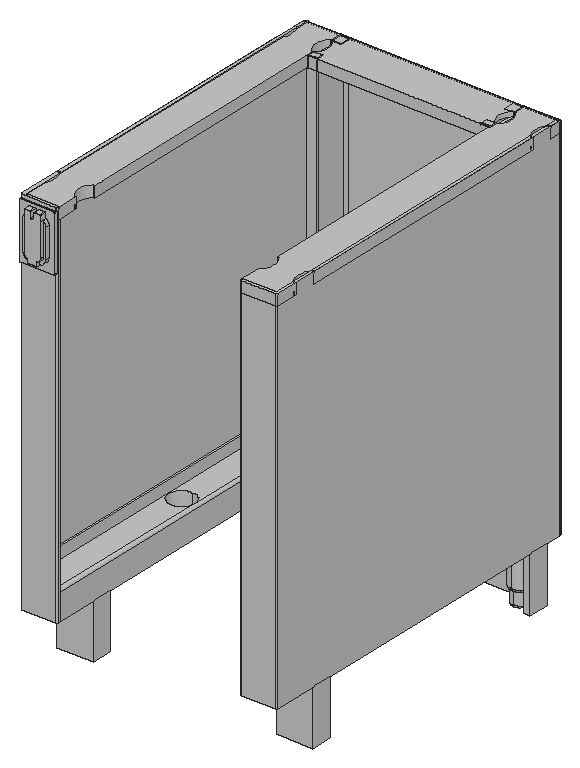
Revit family "Outdoor-Kitchen-Cabinets_Kalamazoo_Appliance-Surrounds_Arcadia", category Specialty Equipment, Revit 2018
Family settings
  Round Connector Dimension = Use Diameter
  Part Type = Normal
  OmniClass Number = 23.40.40.11
  OmniClass Title = Specialized Food Storage and Display Furnishings
  Work Plane-Based = No
  Always vertical = Yes
  Cut with Voids When Loaded = No
  Shared = No
  Room Calculation Point = No
Parameters (values of type "KD-ANC-21-EL")
  Ι_Gnrc Mdl Optn 02 = Extension : -3/4"
  Ι_Gnrc Mdl Optn 01 = Extension : +3/4"
  Ι_Blt on Dstnc [instance] = if(Height Extension = Ι_Gnrc Mdl Optn 01, 5 1/4", if(Height Extension = Ι_Gnrc Mdl Optn 02, 3 3/4", 4 1/2"))  # 4 1/2"
  Width = 21"
  Weight (lb) = 190.00 lbf
  URL = "https://kalamazoogourmet.com/products/arcadia-21-inch-appliance-cabinet/"
  R = not(L)  # no
  Product data url = "https://www.bimobject.com/en-us/kalamazoogourmet/product/arcadia-grill-surround"
  Product Material = Kalamazoo - Stainless Steel - 304 OR 316L
  Panel Finish [instance] = Kalamazoo - Ipe Wood
  Optional Decorative Back Panel [instance] = no
  Model = "KD-ANC-21-EL"
  Manufacturer = "Kalamazoo Outdoor Gourmet\r\n"  # constant formula
  L = yes
  Keynote = "11400"
  Height Extension [instance] = Extension : None
  Height [instance] = Ι_Blt on Dstnc + 30 1/2"  # 35"
  Front Toe-Kick [instance] = yes
  Description = "Arcadia 15-Inch Appliance Cabinet"
  Depth = 29 1/8"  # constant formula
  Back Toe-Kick [instance] = yes
  Assembly Code = "E1090300"
Reference planes (in)
  plane 1: y = 0
  plane 2: z = 0
  plane 3 "Center (Left/Right)": x = 0
  plane 4: y = -27.1875
  plane 5 "Center (Front/Back)": y = 1.9375
  plane 6: z = 35
  plane 7: x = -9
  plane 8: x = 9
  plane 9: z = 34.0955
  plane 10: z = 4.5
  plane 11: z = 4.60937
  plane 12: x = -10.5
  plane 13: x = 10.5
Forms (in)
  Revolve 1, solid, material "Kalamazoo - Stainless Steel - 304 OR 316L" <- "Product Material"
    sketch origin (-9, -180, 0.15625) x (0, 0, -1) y (0, -1, 0)
      loop
        line (-1.11125, -179.5947) -> (-4.34375, -179.5947) -> (-4.34375, -180.40727) -> (-1.26737, -180.40727)
        arc (-1.26737, -180.40727) -> (-1.15699, -180.36148) -> (-1.11128, -180.25106) r 0.15621
        line (-1.11128, -180.25106) -> (-1.11128, -180.21979) -> (0.00016, -180.21979)
        arc (0.00016, -180.21979) -> (0.11052, -180.17399) -> (0.15622, -180.06359) r 0.15619
        line (0.15622, -180.06359) -> (0.15622, -179.5947) -> (-1.11125, -179.5947)
      axis (-4.34375, -179.5947) -> (0.15622, -179.5947)
    angle from 0 to 360
  Revolve 2, solid, material "Kalamazoo - Stainless Steel - 304 OR 316L" <- "Product Material"
    sketch origin (9, -180, 0.15625) x (0, 0, -1) y (0, -1, 0)
      loop
        line (-1.11125, -179.5947) -> (-4.34375, -179.5947) -> (-4.34375, -180.40727) -> (-1.26737, -180.40727)
        arc (-1.26737, -180.40727) -> (-1.15699, -180.36148) -> (-1.11128, -180.25106) r 0.15621
        line (-1.11128, -180.25106) -> (-1.11128, -180.21979) -> (0.00016, -180.21979)
        arc (0.00016, -180.21979) -> (0.11052, -180.17399) -> (0.15622, -180.06359) r 0.15619
        line (0.15622, -180.06359) -> (0.15622, -179.5947) -> (-1.11125, -179.5947)
      axis (-4.34375, -179.5947) -> (0.15622, -179.5947)
    angle from 0 to 360
  Revolve 3, solid, material "Kalamazoo - Stainless Steel - 304 OR 316L" <- "Product Material"
    sketch origin (-9, -154.88737, 0.15625) x (0, 0, -1) y (0, -1, 0)
      loop
        line (-1.11125, -132.32244) -> (-4.34375, -132.32244) -> (-4.34375, -133.135) -> (-1.26737, -133.135)
        arc (-1.26737, -133.135) -> (-1.15699, -133.08921) -> (-1.11128, -132.9788) r 0.15621
        line (-1.11128, -132.9788) -> (-1.11128, -132.94752) -> (0.00016, -132.94752)
        arc (0.00016, -132.94752) -> (0.11052, -132.90173) -> (0.15622, -132.79133) r 0.15619
        line (0.15622, -132.79133) -> (0.15622, -132.32244) -> (-1.11125, -132.32244)
      axis (-4.34375, -132.32244) -> (0.15622, -132.32244)
    angle from 0 to 360
  Revolve 4, solid, material "Kalamazoo - Stainless Steel - 304 OR 316L" <- "Product Material"
    sketch origin (9, -154.88737, 0.15625) x (0, 0, -1) y (0, -1, 0)
      loop
        line (-1.11125, -132.32244) -> (-4.34375, -132.32244) -> (-4.34375, -133.135) -> (-1.26737, -133.135)
        arc (-1.26737, -133.135) -> (-1.15699, -133.08921) -> (-1.11128, -132.9788) r 0.15621
        line (-1.11128, -132.9788) -> (-1.11128, -132.94752) -> (0.00016, -132.94752)
        arc (0.00016, -132.94752) -> (0.11052, -132.90173) -> (0.15622, -132.79133) r 0.15619
        line (0.15622, -132.79133) -> (0.15622, -132.32244) -> (-1.11125, -132.32244)
      axis (-4.34375, -132.32244) -> (0.15622, -132.32244)
    angle from 0 to 360
  Extrusion 5, solid, material "Kalamazoo - Stainless Steel - 304 OR 316L" <- "Product Material", visible <- "Back Toe-Kick"
    sketch origin (0, -9.75763, 45.43725) x (0, 1, 0) y (-1, 0, 0)
      loop
        line (10.2249, -10.5) -> (10.2249, 10.5) -> (8.53976, 10.5) -> (8.53976, 10) -> (10.1649, 10) -> (10.1649, -10) -> (8.53976, -10) -> (8.53976, -10.5) -> (10.2249, -10.5)
    from -45.43725 to -40.93725
  Extrusion 6, solid, material "Kalamazoo - Stainless Steel - 304 OR 316L" <- "Product Material", visible <- "Front Toe-Kick"
    sketch origin (0, 15.355, 45.43725) x (0, 1, 0) y (-1, 0, 0)
      loop
        line (-37.10737, 10) -> (-37.10737, 10.5) -> (-38.7925, 10.5) -> (-38.7925, 7.5) -> (-37.10737, 7.5) -> (-37.10737, 8) -> (-38.7325, 8) -> (-38.7325, 10) -> (-37.10737, 10)
      loop
        line (-38.7325, -10) -> (-38.7325, -8) -> (-37.10737, -8) -> (-37.10737, -7.5) -> (-38.7925, -7.5) -> (-38.7925, -10.5) -> (-37.10737, -10.5) -> (-37.10737, -10) -> (-38.7325, -10)
    from -45.43725 to -40.93725
Dimensions and locks (in)
  "Depth": plane 4 to plane 5 "Center (Front/Back)"
  "Height": plane 6 to level
  locked: plane 6 to plane 9 at 0.9045
  "Ι_Blt on Dstnc": plane 10 to level
  locked: plane 11 to plane 10 at 0.10938
  equal spacing: plane 12, plane 3 "Center (Left/Right)", plane 13
  "Width": plane 12 to plane 13
  Extrusion 5 sketch curve to Extrusion 5 sketch curve to plane 7 = 1/2" locked, 1" locked
  plane 8 to Extrusion 5 sketch curve to Extrusion 5 sketch curve = 1" locked, 1/2" locked
  Extrusion 5 sketch curve to Extrusion 5 sketch curve to plane 1 to Extrusion 5 sketch curve = 0.06" locked, 0.40727" locked, 1.21787" locked
  locked: Extrusion 5 sketch curve to plane 1 at 1.21787
  Extrusion 6 sketch curve to Extrusion 6 sketch curve to plane 7 to Extrusion 6 sketch curve to Extrusion 6 sketch curve = 1/2" locked, 1" locked, 1" locked, 1/2" locked
  Extrusion 6 sketch curve to Extrusion 6 sketch curve to plane 8 to Extrusion 6 sketch curve to Extrusion 6 sketch curve = 1/2" locked, 1" locked, 1" locked, 1/2" locked
  locked: plane 7 to plane 12 at 1.5
  locked: plane 13 to plane 8 at 1.5
  aligned and locked: plane 2 to level
  aligned and locked: Revolve 3 to plane 10
  aligned and locked: Revolve 1 to plane 10
  aligned and locked: plane 10 to Revolve 4
  aligned and locked: plane 10 to Revolve 2
  aligned and locked: plane 10 to nested 1
  aligned and locked: plane 1 to nested 1
  aligned and locked: plane 3 "Center (Left/Right)" to nested 1
  aligned and locked: Extrusion 5 to plane 2
  aligned and locked: plane 10 to Extrusion 5
  aligned and locked: plane 10 to Extrusion 6
  aligned and locked: Extrusion 6 to plane 2
Automatic sketch dimensions
  plane 1 to Revolve 1 sketch curve = 0.4053"  (x2)
  level to Revolve 1 sketch curve = 4 1/2"
  Revolve 1 sketch curve to plane 1 = 0.25106"
  level to Revolve 1 sketch curve = 1.42373"
  Revolve 1 sketch curve to Revolve 1 sketch curve = 0.00012"
  Revolve 1 sketch curve to Revolve 1 sketch curve = 0.15621"
  Revolve 1 sketch curve to Revolve 1 sketch curve = 0.00003"
  Revolve 1 sketch curve to plane 1 = 0.06359"
  level to Revolve 1 sketch curve = 0.15623"
  level to Revolve 1 sketch curve = 0.15609"
  level to Revolve 1 sketch curve = 0.00003"
  Revolve 1 sketch curve to Revolve 1 sketch curve = 0"
  Revolve 1 sketch curve to level = 1.24997"
  Revolve 2 sketch curve to plane 1 = 0.4053"  (x2)
  Revolve 2 sketch curve to level = 4 1/2"
  plane 1 to Revolve 2 sketch curve = 0.25106"
  Revolve 2 sketch curve to level = 1.42373"
  Revolve 2 sketch curve to Revolve 2 sketch curve = 0.00012"
  Revolve 2 sketch curve to Revolve 2 sketch curve = 0.15621"
  Revolve 2 sketch curve to Revolve 2 sketch curve = 0.00003"
  plane 1 to Revolve 2 sketch curve = 0.06359"
  Revolve 2 sketch curve to level = 0.15623"
  Revolve 2 sketch curve to level = 0.15609"
  Revolve 2 sketch curve to level = 0.00003"
  Revolve 2 sketch curve to Revolve 2 sketch curve = 0"
  level to Revolve 2 sketch curve = 1.24997"
  level to Revolve 3 sketch curve = 4 1/2"
  level to Revolve 3 sketch curve = 1.42373"
  Revolve 3 sketch curve to Revolve 3 sketch curve = 0.00012"
  Revolve 3 sketch curve to Revolve 3 sketch curve = 0.15621"
  Revolve 3 sketch curve to Revolve 3 sketch curve = 0.00003"
  level to Revolve 3 sketch curve = 0.15623"
  level to Revolve 3 sketch curve = 0.15609"
  level to Revolve 3 sketch curve = 0.00003"
  Revolve 3 sketch curve to plane 4 = 5.43514"
  Revolve 3 sketch curve to Revolve 3 sketch curve = 0.03127"
  Revolve 3 sketch curve to Revolve 3 sketch curve = 0.46889"
  Revolve 3 sketch curve to Revolve 3 sketch curve = 0"  (x2)
  Revolve 3 sketch curve to level = 1.24997"
  Revolve 4 sketch curve to level = 4 1/2"
  Revolve 4 sketch curve to level = 1.42373"
  Revolve 4 sketch curve to Revolve 4 sketch curve = 0.00012"
  Revolve 4 sketch curve to Revolve 4 sketch curve = 0.15621"
  Revolve 4 sketch curve to Revolve 4 sketch curve = 0.00003"
  Revolve 4 sketch curve to level = 0.15623"
  Revolve 4 sketch curve to level = 0.15609"
  Revolve 4 sketch curve to level = 0.00003"
  plane 4 to Revolve 4 sketch curve = 5.43514"
  Revolve 4 sketch curve to Revolve 4 sketch curve = 0.03127"
  Revolve 4 sketch curve to Revolve 4 sketch curve = 0.46889"
  Revolve 4 sketch curve to Revolve 4 sketch curve = 0"  (x2)
  level to Revolve 4 sketch curve = 1.24997"
  Extrusion 6 sketch curve to plane 4 = 3 3/4"  (x2)
  Extrusion 6 sketch curve to Extrusion 6 sketch curve = 0.06"  (x2)
  Extrusion 6 sketch curve to Extrusion 6 sketch curve = 1.62514"
  Extrusion 6 sketch curve to Extrusion 6 sketch curve = 1.68514"  (x3)
Nested families (in)
  nested 1: "Grill-Surrounds-and-Back-Panels" at (0, 0, 0), Ι_Blt on Dstnc <- "Ι_Blt on Dstnc", Height <- "Height", type "KD-BKFP-500H-28"
    with Height 35"
Definition of nested family "Grill-Surrounds-and-Back-Panels"
  Parameters (values of type "KD-BKFP-500H-28")
    Ι_Bth_Nt_FT60 = yes
    Ι_Bth_FT60 = no
    Ι_Blt on Dstnc [instance] = 4 1/2"
    Width = 21"
    URL = "https://kalamazoogourmet.com/products/arcadia-k500hb-grill-surround/"
    Product Material = none
    Panel = none
    Optional Decorative Back Panel = no
    Model = "KD-SURR-500H-34"
    Manufacturer = "Kalamazoo"  # constant formula
    Keynote = "11400"
    Height [instance] = 35"
    ELR = no
    ELL = yes
    Description = "ARCADIA K750HB GRILL SURROUND"
    Depth = 3 1/2"  # constant formula
    Back Panel = not(Optional Decorative Back Panel)  # yes
    BKPNLTRPL = and(Optional Decorative Back Panel, Width > 43")  # no
    BKPNLSNGL = and(Optional Decorative Back Panel, Width < 29")  # no
    BKPNLDBL = and(Optional Decorative Back Panel, Width < 43", Width > 29")  # no
    Assembly Code = "E1090300"
  Reference planes (in)
    plane 1: y = 0
    plane 2: z = 0
    plane 3 "Center (Left/Right)": x = 0
    plane 4: x = -7.5
    plane 5: x = 7.5
    plane 6: y = -1.5625
    plane 7 "Center (Front/Back)": y = 1.9375
    plane 8: x = 6.73897
    plane 9: x = -6.73897
    plane 10: x = -3.452
    plane 11: x = -0.6375
    plane 12: z = 35
    plane 13: x = -7.25
    plane 14: x = 7.25
    plane 15: x = -9
    plane 16: x = 9
    plane 17: x = -10.5
    plane 18: x = 10.5
    plane 19: x = -10.25
    plane 20: x = 10.25
    plane 21: x = -3.9501
    plane 22: x = 3.9501
    plane 23: z = 34.0955
    plane 24: z = 4.5
    plane 25: z = 4.60937
    plane 26: x = -1.135
    plane 27: x = 1.135
    plane 28: x = -5.73897
    plane 29: x = 5.73897
    plane 30: z = 34.8
    plane 31: x = 9.25
    plane 32: x = -9.25
    plane 33: x = -3.5
    plane 34: x = 3.5
  Forms (in)
    Extrusion 1, solid, material <- "Product Material", detail levels fine
      sketch origin (0, -9.75763, 45.43725) x (0, 1, 0) y (-1, 0, 0)
        loop
          line (10.69513, 7.5) -> (10.69513, 7.37)
          arc (10.69513, 7.37) -> (9.75796, 7) -> (8.82013, 7.36832) r 1.375
          line (8.82013, 7.36832) -> (8.82013, 7.5) -> (8.30313, 7.5)
          arc (8.30313, 7.5) -> (8.22676, 7.46837) -> (8.19513, 7.392) r 0.108
          line (8.19513, 7.392) -> (8.19513, -7.38097)
          arc (8.19513, -7.38097) -> (8.22277, -7.4644) -> (8.30313, -7.5) r 0.10851
          line (8.30313, -7.5) -> (8.82013, -7.5) -> (8.82013, -7.37)
          arc (8.82013, -7.37) -> (9.7573, -7.00002) -> (10.69513, -7.36832) r 1.37505
          line (10.69513, -7.36832) -> (10.69513, -7.5) -> (11.58713, -7.5)
          arc (11.58713, -7.5) -> (11.6635, -7.46837) -> (11.69513, -7.392) r 0.108
          line (11.69513, -7.392) -> (11.69513, 7.392)
          arc (11.69513, 7.392) -> (11.6635, 7.46837) -> (11.58713, 7.5) r 0.108
          line (11.58713, 7.5) -> (10.69513, 7.5)
      from -11.34175 to -10.43725
    Extrusion 2, solid, material <- "Product Material", detail levels fine
      sketch origin (-8.82527, -180, 0.15636) x (0, 0, -1) y (0, -1, 0)
        loop
          line (-34.73564, -181.9375) -> (-4.45164, -181.9375)
          arc (-4.45164, -181.9375) -> (-4.37527, -181.90587) -> (-4.34364, -181.8295) r 0.108
          line (-4.34364, -181.8295) -> (-4.34364, -178.5455)
          arc (-4.34364, -178.5455) -> (-4.37527, -178.46913) -> (-4.45164, -178.4375) r 0.108
          line (-4.45164, -178.4375) -> (-34.73564, -178.4375)
          arc (-34.73564, -178.4375) -> (-34.81201, -178.46913) -> (-34.84364, -178.5455) r 0.108
          line (-34.84364, -178.5455) -> (-34.84364, -179.0625) -> (-34.49464, -179.0625) -> (-34.49464, -180.9375) -> (-34.84364, -180.9375) -> (-34.84364, -181.8295)
          arc (-34.84364, -181.8295) -> (-34.81201, -181.90587) -> (-34.73564, -181.9375) r 0.108
      from -2.0863 to -1.32527
    Extrusion 3, solid, material <- "Product Material", detail levels fine
      sketch origin (8.82527, -180, 0.15636) x (0, 0, -1) y (0, 1, 0)
        loop
          arc (-34.73564, 181.9375) -> (-34.81201, 181.90587) -> (-34.84364, 181.8295) r 0.108
          line (-34.84364, 181.8295) -> (-34.84364, 180.9375) -> (-34.49464, 180.9375) -> (-34.49464, 179.0625) -> (-34.84364, 179.0625) -> (-34.84364, 178.5455)
          arc (-34.84364, 178.5455) -> (-34.81201, 178.46913) -> (-34.73564, 178.4375) r 0.108
          line (-34.73564, 178.4375) -> (-4.45164, 178.4375)
          arc (-4.45164, 178.4375) -> (-4.37527, 178.46913) -> (-4.34364, 178.5455) r 0.108
          line (-4.34364, 178.5455) -> (-4.34364, 181.8295)
          arc (-4.34364, 181.8295) -> (-4.37527, 181.90587) -> (-4.45164, 181.9375) r 0.108
          line (-4.45164, 181.9375) -> (-34.73564, 181.9375)
      from -2.0863 to -1.32527
    Extrusion 4, void
      sketch origin (-8.82527, -180, 0.15636) x (0, 0, -1) y (0, -1, 0)
        loop
          line (-34.49464, -181.8295) -> (-4.45301, -181.8295) -> (-4.45301, -178.5455) -> (-34.49464, -178.5455) -> (-34.49464, -181.8295)
      from -2.0863 to -1.57527
    Extrusion 5, void
      sketch origin (8.82527, -180, 0.15636) x (0, 0, -1) y (0, 1, 0)
        loop
          line (-34.49464, 181.8295) -> (-34.49464, 178.5455) -> (-4.45301, 178.5455) -> (-4.45301, 181.8295) -> (-34.49464, 181.8295)
      from -2.0863 to -1.57527
    Extrusion 6, solid, material <- "Product Material"
      sketch origin (0, 0, 0) x (1, 0, 0) y (0, 0, 1)
        loop
          line (-6.73897, 4.60937) -> (-6.73897, 4.5) -> (6.73897, 4.5) -> (6.73897, 4.60937) -> (-6.73897, 4.60937)
      from -1.8295 to 1.5625
    Extrusion 7, solid, material <- "Product Material", visible <- "Back Panel"
      sketch origin (-8.82527, -180, 0.15636) x (0, 0, -1) y (0, -1, 0)
        loop
          arc (-34.84364, -181.8295) -> (-34.81213, -181.90575) -> (-34.73599, -181.9375) r 0.108
          line (-34.73599, -181.9375) -> (-4.45164, -181.9375)
          arc (-4.45164, -181.9375) -> (-4.37527, -181.90587) -> (-4.34364, -181.8295) r 0.108
          line (-4.34364, -181.8295) -> (-34.84364, -181.8295)
      from -19.32527 to 1.67473
    Extrusion 8, solid, material <- "Product Material"
      sketch origin (-8.82527, -180, 0.15636) x (0, 0, -1) y (0, -1, 0)
        loop
          line (-7.09962, -178.7105) -> (-7.09962, -181.76874) -> (-7.99462, -181.76874) -> (-7.99462, -181.8295) -> (-4.45301, -181.8295) -> (-4.45301, -178.5455) -> (-6.93462, -178.5455)
          arc (-6.93462, -178.5455) -> (-7.05129, -178.59383) -> (-7.09962, -178.7105) r 0.165
      from -15.56424 to -2.0863
    Extrusion 9, solid, material <- "Product Material", detail levels coarse+medium
      sketch origin (-8.82527, -180, 0.15636) x (0, 0, -1) y (0, -1, 0)
        loop
          line (-34.73564, -181.9375) -> (-4.45164, -181.9375)
          arc (-4.45164, -181.9375) -> (-4.37527, -181.90587) -> (-4.34364, -181.8295) r 0.108
          line (-4.34364, -181.8295) -> (-4.34364, -178.5455)
          arc (-4.34364, -178.5455) -> (-4.37527, -178.46913) -> (-4.45164, -178.4375) r 0.108
          line (-4.45164, -178.4375) -> (-34.73564, -178.4375)
          arc (-34.73564, -178.4375) -> (-34.81201, -178.46913) -> (-34.84364, -178.5455) r 0.108
          line (-34.84364, -178.5455) -> (-34.84364, -179.0625) -> (-34.84364, -180.9375) -> (-34.84364, -181.8295)
          arc (-34.84364, -181.8295) -> (-34.81201, -181.90587) -> (-34.73564, -181.9375) r 0.108
      from -2.0863 to -1.32527
    Extrusion 10, solid, material <- "Product Material", detail levels coarse+medium
      sketch origin (8.82527, -180, 0.15636) x (0, 0, -1) y (0, 1, 0)
        loop
          arc (-34.73564, 181.9375) -> (-34.81201, 181.90587) -> (-34.84364, 181.8295) r 0.108
          line (-34.84364, 181.8295) -> (-34.84364, 180.9375) -> (-34.84364, 179.0625) -> (-34.84364, 178.5455)
          arc (-34.84364, 178.5455) -> (-34.81201, 178.46913) -> (-34.73564, 178.4375) r 0.108
          line (-34.73564, 178.4375) -> (-4.45164, 178.4375)
          arc (-4.45164, 178.4375) -> (-4.37527, 178.46913) -> (-4.34364, 178.5455) r 0.108
          line (-4.34364, 178.5455) -> (-4.34364, 181.8295)
          arc (-4.34364, 181.8295) -> (-4.37527, 181.90587) -> (-4.45164, 181.9375) r 0.108
          line (-4.45164, 181.9375) -> (-34.73564, 181.9375)
      from -2.0863 to -1.32527
    Extrusion 11, solid, material <- "Product Material", detail levels coarse+medium
      sketch origin (0, -9.75763, 45.43725) x (0, 1, 0) y (-1, 0, 0)
        loop
          line (9.34676, 7.5) -> (8.30313, 7.5)
          arc (8.30313, 7.5) -> (8.22676, 7.46837) -> (8.19513, 7.392) r 0.108
          line (8.19513, 7.392) -> (8.19513, -7.38097)
          arc (8.19513, -7.38097) -> (8.22277, -7.4644) -> (8.30313, -7.5) r 0.10851
          line (8.30313, -7.5) -> (9.35438, -7.5) -> (11.58713, -7.5)
          arc (11.58713, -7.5) -> (11.6635, -7.46837) -> (11.69513, -7.392) r 0.108
          line (11.69513, -7.392) -> (11.69513, 7.392)
          arc (11.69513, 7.392) -> (11.6635, 7.46837) -> (11.58713, 7.5) r 0.108
          line (11.58713, 7.5) -> (9.34676, 7.5)
      from -11.34175 to -10.43725
    Extrusion 12, solid, material <- "Product Material", visible <- "Ι_Bth_Nt_FT60", detail levels fine
      sketch origin (0, -9.75763, 45.43725) x (0, 1, 0) y (-1, 0, 0)
        loop
          line (-17.39487, 10.392) -> (-17.39487, 7.608)
          arc (-17.39487, 7.608) -> (-17.3562, 7.53102) -> (-17.27584, 7.5) r 0.11959
          line (-17.27584, 7.5) -> (-15.48487, 7.5) -> (-15.48487, 7.63)
          arc (-15.48487, 7.63) -> (-14.54737, 7.99916) -> (-13.60987, 7.63) r 1.375
          line (-13.60987, 7.63) -> (-13.60987, 7.5) -> (8.82013, 7.5) -> (8.82013, 7.63)
          arc (8.82013, 7.63) -> (9.7573, 8) -> (10.69513, 7.63169) r 1.375
          line (10.69513, 7.63169) -> (10.69513, 7.5) -> (11.58713, 7.5)
          arc (11.58713, 7.5) -> (11.6635, 7.53163) -> (11.69513, 7.608) r 0.108
          line (11.69513, 7.608) -> (11.69513, 10.392)
          arc (11.69513, 10.392) -> (11.6635, 10.46837) -> (11.58713, 10.5) r 0.108
          line (11.58713, 10.5) -> (10.69513, 10.5) -> (10.69513, 10.36832)
          arc (10.69513, 10.36832) -> (9.7573, 10) -> (8.82013, 10.37) r 1.375
          line (8.82013, 10.37) -> (8.82013, 10.5) -> (-13.60987, 10.5) -> (-13.60987, 10.37)
          arc (-13.60987, 10.37) -> (-14.54737, 10.00084) -> (-15.48487, 10.37) r 1.375
          line (-15.48487, 10.37) -> (-15.48487, 10.5) -> (-17.28687, 10.5)
          arc (-17.28687, 10.5) -> (-17.36324, 10.46837) -> (-17.39487, 10.392) r 0.108
        loop
          arc (-17.39487, -10.392) -> (-17.36324, -10.46837) -> (-17.28687, -10.5) r 0.108
          line (-17.28687, -10.5) -> (-15.48487, -10.5) -> (-15.48487, -10.37)
          arc (-15.48487, -10.37) -> (-14.54737, -10.00084) -> (-13.60987, -10.37) r 1.375
          line (-13.60987, -10.37) -> (-13.60987, -10.5) -> (8.82013, -10.5) -> (8.82013, -10.37)
          arc (8.82013, -10.37) -> (9.7573, -10) -> (10.69513, -10.36832) r 1.375
          line (10.69513, -10.36832) -> (10.69513, -10.5) -> (11.58713, -10.5)
          arc (11.58713, -10.5) -> (11.6635, -10.46837) -> (11.69513, -10.392) r 0.108
          line (11.69513, -10.392) -> (11.69513, -7.608)
          arc (11.69513, -7.608) -> (11.6635, -7.53163) -> (11.58713, -7.5) r 0.108
          line (11.58713, -7.5) -> (10.69513, -7.5) -> (10.69513, -7.63169)
          arc (10.69513, -7.63169) -> (9.7573, -8) -> (8.82013, -7.63) r 1.375
          line (8.82013, -7.63) -> (8.82013, -7.5) -> (-13.60987, -7.5) -> (-13.60987, -7.63)
          arc (-13.60987, -7.63) -> (-14.54737, -7.99916) -> (-15.48487, -7.63) r 1.375
          line (-15.48487, -7.63) -> (-15.48487, -7.5) -> (-17.27584, -7.5)
          arc (-17.27584, -7.5) -> (-17.3562, -7.53102) -> (-17.39487, -7.608) r 0.11959
          line (-17.39487, -7.608) -> (-17.39487, -10.392)
      from -11.34175 to -10.43725
    Extrusion 13, solid, material <- "Product Material", visible <- "Ι_Bth_Nt_FT60"
      sketch origin (0, -9.75763, 45.43725) x (0, 1, 0) y (-1, 0, 0)
        loop
          line (11.69513, 10.25) -> (11.69513, 10.392)
          arc (11.69513, 10.392) -> (11.6635, 10.46837) -> (11.58713, 10.5) r 0.108
          line (11.58713, 10.5) -> (-17.28687, 10.5)
          arc (-17.28687, 10.5) -> (-17.36324, 10.46837) -> (-17.39487, 10.392) r 0.108
          line (-17.39487, 10.392) -> (-17.39487, 7.608)
          arc (-17.39487, 7.608) -> (-17.36324, 7.53163) -> (-17.28687, 7.5) r 0.108
          line (-17.28687, 7.5) -> (-17.14487, 7.5) -> (-17.14487, 10.25) -> (11.69513, 10.25)
        loop
          line (11.69513, -10.25) -> (-17.14487, -10.25) -> (-17.14487, -7.5) -> (-17.28687, -7.5)
          arc (-17.28687, -7.5) -> (-17.36324, -7.53163) -> (-17.39487, -7.608) r 0.108
          line (-17.39487, -7.608) -> (-17.39487, -10.392)
          arc (-17.39487, -10.392) -> (-17.36324, -10.46837) -> (-17.28687, -10.5) r 0.108
          line (-17.28687, -10.5) -> (11.58713, -10.5)
          arc (11.58713, -10.5) -> (11.6635, -10.46837) -> (11.69513, -10.392) r 0.108
          line (11.69513, -10.392) -> (11.69513, -10.25)
      from -40.93725 to -10.43725
    Extrusion 14, solid, material <- "Product Material", visible <- "Ι_Bth_Nt_FT60"
      sketch origin (0, 0, 0) x (1, 0, 0) y (0, 0, 1)
        loop
          line (-10, 7.7675) -> (-10.25, 7.7675) -> (-10.25, 4.5) -> (-7.5, 4.5) -> (-7.5, 6.6225)
          arc (-7.5, 6.6225) -> (-7.57322, 6.79928) -> (-7.75, 6.8725) r 0.25
          line (-7.75, 6.8725) -> (-10, 6.8725) -> (-10, 7.7675)
        loop
          line (10, 7.7675) -> (10, 6.8725) -> (7.75, 6.8725)
          arc (7.75, 6.8725) -> (7.57322, 6.79928) -> (7.5, 6.6225) r 0.25
          line (7.5, 6.6225) -> (7.5, 4.5) -> (10.25, 4.5) -> (10.25, 7.7675) -> (10, 7.7675)
      from -1.8295 to 26.9025
    Extrusion 15, void
      sketch origin (0, -9.75763, 45.43725) x (0, 1, 0) y (-1, 0, 0)
        loop
          circle (-3.02887, 8.804) r 1.07835
        loop
          circle (-3.02887, -8.804) r 1.07813
      from -40.93725 to -38.18127
    Extrusion 16, solid, material <- "Product Material", visible <- "Ι_Bth_Nt_FT60", detail levels coarse+medium
      sketch origin (0, -9.75763, 45.43725) x (0, 1, 0) y (-1, 0, 0)
        loop
          line (-17.39487, 10.392) -> (-17.39487, 7.608)
          arc (-17.39487, 7.608) -> (-17.3562, 7.53102) -> (-17.27584, 7.5) r 0.11959
          line (-17.27584, 7.5) -> (-15.47064, 7.5) -> (10.99412, 7.5) -> (11.58713, 7.5)
          arc (11.58713, 7.5) -> (11.6635, 7.53163) -> (11.69513, 7.608) r 0.108
          line (11.69513, 7.608) -> (11.69513, 10.392)
          arc (11.69513, 10.392) -> (11.6635, 10.46837) -> (11.58713, 10.5) r 0.108
          line (11.58713, 10.5) -> (10.84405, 10.5) -> (-15.69471, 10.5) -> (-17.28687, 10.5)
          arc (-17.28687, 10.5) -> (-17.36324, 10.46837) -> (-17.39487, 10.392) r 0.108
        loop
          arc (-17.39487, -10.392) -> (-17.36324, -10.46837) -> (-17.28687, -10.5) r 0.108
          line (-17.28687, -10.5) -> (-15.66963, -10.5) -> (10.89292, -10.5) -> (11.58713, -10.5)
          arc (11.58713, -10.5) -> (11.6635, -10.46837) -> (11.69513, -10.392) r 0.108
          line (11.69513, -10.392) -> (11.69513, -7.608)
          arc (11.69513, -7.608) -> (11.6635, -7.53163) -> (11.58713, -7.5) r 0.108
          line (11.58713, -7.5) -> (10.81835, -7.5) -> (-15.69076, -7.5) -> (-17.27584, -7.5)
          arc (-17.27584, -7.5) -> (-17.3562, -7.53102) -> (-17.39487, -7.608) r 0.11959
          line (-17.39487, -7.608) -> (-17.39487, -10.392)
      from -11.34175 to -10.43725
    Extrusion 17, solid, material <- "Product Material", visible <- "ELR", detail levels fine
      sketch origin (0, 0, 0) x (-1, 0, 0) y (0, 0, -1)
        loop
          line (-7.635, -30.11246) -> (-10.36457, -30.11246)
          arc (-10.36457, -30.11246) -> (-10.40727, -30.12988) -> (-10.42499, -30.17244) r 0.05998
          line (-10.42499, -30.17244) -> (-10.42499, -34.67879)
          arc (-10.42499, -34.67879) -> (-10.40697, -34.72038) -> (-10.365, -34.7375) r 0.06
          line (-10.365, -34.7375) -> (-7.635, -34.7375)
          arc (-7.635, -34.7375) -> (-7.5926, -34.71996) -> (-7.575, -34.67759) r 0.06
          line (-7.575, -34.67759) -> (-7.575, -30.17243)
          arc (-7.575, -30.17243) -> (-7.59257, -30.13) -> (-7.635, -30.11246) r 0.06
      from 27.1525 to 27.3525
    Extrusion 18, solid, material <- "Product Material", visible <- "ELR", detail levels fine
      sketch origin (0, 0, 0) x (-1, 0, 0) y (0, 0, -1)
        loop
          line (-8.97486, -30.70937) -> (-9.40503, -30.70937)
          arc (-9.40503, -30.70937) -> (-9.77975, -30.86459) -> (-9.93496, -31.2393) r 0.52993
          line (-9.93496, -31.2393) -> (-9.93496, -33.60998)
          arc (-9.93496, -33.60998) -> (-9.85974, -33.88267) -> (-9.65497, -34.07782) r 0.52998
          line (-9.65497, -34.07782) -> (-8.34543, -34.07782)
          arc (-8.34543, -34.07782) -> (-8.14048, -33.88286) -> (-8.065, -33.61025) r 0.53
          line (-8.065, -33.61025) -> (-8.065, -31.23901)
          arc (-8.065, -31.23901) -> (-8.22041, -30.86456) -> (-8.595, -30.7095) r 0.53
          line (-8.595, -30.7095) -> (-8.97486, -30.70937)
      from 27.3525 to 27.6425
    Extrusion 19, solid, material <- "Product Material", visible <- "ELR", detail levels fine
      sketch origin (0, 0, 0) x (-1, 0, 0) y (0, 0, -1)
        loop
          line (-9.655, -31.2705) -> (-9.655, -34.02788) -> (-9.655, -34.47062)
          arc (-9.655, -34.47062) -> (-9.63739, -34.51297) -> (-9.595, -34.5305) r 0.06
          line (-9.595, -34.5305) -> (-9.195, -34.5305)
          arc (-9.195, -34.5305) -> (-9.15257, -34.51293) -> (-9.135, -34.4705) r 0.06
          line (-9.135, -34.4705) -> (-9.135, -34.02788) -> (-9.135, -33.9705) -> (-8.86499, -33.9705) -> (-8.86499, -34.02788) -> (-8.86499, -34.47049)
          arc (-8.86499, -34.47049) -> (-8.84742, -34.51291) -> (-8.805, -34.53048) r 0.05999
          line (-8.805, -34.53048) -> (-8.40501, -34.53048)
          arc (-8.40501, -34.53048) -> (-8.36257, -34.5129) -> (-8.34499, -34.47046) r 0.06002
          line (-8.34499, -34.47046) -> (-8.34499, -34.02788) -> (-8.34499, -31.2705)
          arc (-8.34499, -31.2705) -> (-8.43287, -31.05837) -> (-8.645, -30.9705) r 0.3
          line (-8.645, -30.9705) -> (-8.645, -30.6195) -> (-9.355, -30.6195) -> (-9.355, -30.9705)
          arc (-9.355, -30.9705) -> (-9.56713, -31.05837) -> (-9.655, -31.2705) r 0.3
      from 27.3525 to 27.8425
    Extrusion 20, solid, material <- "Panel", visible <- "BKPNLDBL"
      sketch origin (0, 0, 0) x (1, 0, 0) y (0, 0, 1)
        loop
          line (-9.25, 34.89235) -> (-9.25, 27.36) -> (-1.135, 27.36) -> (-1.135, 34.89235) -> (-9.25, 34.89235)
        loop
          line (9.25, 27.36) -> (9.25, 34.89235) -> (1.135, 34.89235) -> (1.135, 27.36) -> (9.25, 27.36)
        loop
          line (-9.25, 27.18) -> (-9.25, 19.74) -> (-1.135, 19.74) -> (-1.135, 27.18) -> (-9.25, 27.18)
        loop
          line (-9.25, 12.12) -> (-1.135, 12.12) -> (-1.135, 19.56) -> (-9.25, 19.56) -> (-9.25, 12.12)
        loop
          line (-9.25, 4.5) -> (-1.135, 4.5) -> (-1.135, 11.94) -> (-9.25, 11.94) -> (-9.25, 4.5)
        loop
          line (9.25, 19.74) -> (9.25, 27.18) -> (1.135, 27.18) -> (1.135, 19.74) -> (9.25, 19.74)
        loop
          line (9.25, 12.12) -> (9.25, 19.56) -> (1.135, 19.56) -> (1.135, 12.12) -> (9.25, 12.12)
        loop
          line (9.25, 4.5) -> (9.25, 11.94) -> (1.135, 11.94) -> (1.135, 4.5) -> (9.25, 4.5)
      from -2.8475 to -1.9375
    Extrusion 21, solid, visible <- "Optional Decorative Back Panel"
      sketch origin (0, 0, 0) x (1, 0, 0) y (0, 0, 1)
        loop
          line (7.5, 35) -> (7.5, 4.5) -> (10.5, 4.5) -> (10.5, 35) -> (7.5, 35)
        loop
          line (-7.5, 35) -> (-10.5, 35) -> (-10.5, 4.5) -> (-7.5, 4.5) -> (-7.5, 35)
      from -1.9375 to -1.8295
    Extrusion 22, solid, material <- "Product Material", visible <- "BKPNLDBL"
      sketch origin (0, -9.75763, 45.43725) x (0, 1, 0) y (-1, 0, 0)
        loop
          line (11.69513, 1.135) -> (11.69513, 0.135) -> (12.50345, 0.135)
          arc (12.50345, 0.135) -> (12.57535, 0.16478) -> (12.60513, 0.23668) r 0.10168
          line (12.60513, 0.23668) -> (12.60513, 1.02307)
          arc (12.60513, 1.02307) -> (12.57235, 1.10222) -> (12.4932, 1.135) r 0.11193
          line (12.4932, 1.135) -> (11.69513, 1.135)
        loop
          line (11.69513, -1.135) -> (12.4932, -1.135)
          arc (12.4932, -1.135) -> (12.57235, -1.10222) -> (12.60513, -1.02307) r 0.11193
          line (12.60513, -1.02307) -> (12.60513, -0.23668)
          arc (12.60513, -0.23668) -> (12.57535, -0.16478) -> (12.50345, -0.135) r 0.10168
          line (12.50345, -0.135) -> (11.69513, -0.135) -> (11.69513, -1.135)
      from -40.93725 to -10.63725
    Extrusion 23, solid
      sketch origin (0, 0, 0) x (1, 0, 0) y (0, 0, 1)
        loop
          line (-6.73897, 34.0955) -> (-6.73897, 4.5) -> (6.73897, 4.5) -> (6.73897, 34.0955) -> (-6.73897, 34.0955)
      from -1.8295 to -1.75467
    Extrusion 24, solid, material <- "Product Material", visible <- "Optional Decorative Back Panel"
      sketch origin (0, -9.75763, 45.43725) x (0, 1, 0) y (-1, 0, 0)
        loop
          line (12.48764, 10.25) -> (11.69513, 10.25) -> (11.69513, 9.25) -> (12.49789, 9.25)
          arc (12.49789, 9.25) -> (12.56979, 9.27978) -> (12.59957, 9.35168) r 0.10168
          line (12.59957, 9.35168) -> (12.59957, 10.13807)
          arc (12.59957, 10.13807) -> (12.56678, 10.21722) -> (12.48764, 10.25) r 0.11193
        loop
          line (11.69513, -10.25) -> (12.48764, -10.25)
          arc (12.48764, -10.25) -> (12.56678, -10.21722) -> (12.59957, -10.13807) r 0.11193
          line (12.59957, -10.13807) -> (12.59957, -9.35168)
          arc (12.59957, -9.35168) -> (12.56979, -9.27978) -> (12.49789, -9.25) r 0.10168
          line (12.49789, -9.25) -> (11.69513, -9.25) -> (11.69513, -10.25)
      from -40.93725 to -10.63725
    Extrusion 25, solid, material <- "Panel", visible <- "BKPNLSNGL"
      sketch origin (0, 0, 0) x (1, 0, 0) y (0, 0, 1)
        loop
          line (-9.25, 27.36) -> (9.25, 27.36) -> (9.25, 34.89235) -> (-9.25, 34.89235) -> (-9.25, 27.36)
        loop
          line (9.25, 27.18) -> (-9.25, 27.18) -> (-9.25, 19.74) -> (9.25, 19.74) -> (9.25, 27.18)
        loop
          line (9.25, 19.56) -> (-9.25, 19.56) -> (-9.25, 12.12) -> (9.25, 12.12) -> (9.25, 19.56)
        loop
          line (9.25, 11.94) -> (-9.25, 11.94) -> (-9.25, 4.5) -> (9.25, 4.5) -> (9.25, 11.94)
      from -2.8475 to -1.9375
    Extrusion 26, solid, material <- "Product Material", visible <- "BKPNLTRPL"
      sketch origin (0, -9.75763, 45.43725) x (0, 1, 0) y (-1, 0, 0)
        loop
          line (11.69513, 3.635) -> (12.50345, 3.635)
          arc (12.50345, 3.635) -> (12.57535, 3.66478) -> (12.60513, 3.73668) r 0.10168
          line (12.60513, 3.73668) -> (12.60513, 4.52307)
          arc (12.60513, 4.52307) -> (12.57235, 4.60222) -> (12.4932, 4.635) r 0.11193
          line (12.4932, 4.635) -> (11.69513, 4.635) -> (11.69513, 3.635)
        loop
          line (12.50345, 3.365) -> (11.69513, 3.365) -> (11.69513, 2.365) -> (12.4932, 2.365)
          arc (12.4932, 2.365) -> (12.57235, 2.39778) -> (12.60513, 2.47693) r 0.11193
          line (12.60513, 2.47693) -> (12.60513, 3.26332)
          arc (12.60513, 3.26332) -> (12.57535, 3.33522) -> (12.50345, 3.365) r 0.10168
        loop
          line (11.69513, -3.635) -> (11.69513, -4.635) -> (12.4932, -4.635)
          arc (12.4932, -4.635) -> (12.57235, -4.60222) -> (12.60513, -4.52307) r 0.11193
          line (12.60513, -4.52307) -> (12.60513, -3.73668)
          arc (12.60513, -3.73668) -> (12.57535, -3.66478) -> (12.50345, -3.635) r 0.10168
          line (12.50345, -3.635) -> (11.69513, -3.635)
        loop
          arc (12.50345, -3.365) -> (12.57535, -3.33522) -> (12.60513, -3.26332) r 0.10168
          line (12.60513, -3.26332) -> (12.60513, -2.47693)
          arc (12.60513, -2.47693) -> (12.57235, -2.39778) -> (12.4932, -2.365) r 0.11193
          line (12.4932, -2.365) -> (11.69513, -2.365) -> (11.69513, -3.365) -> (12.50345, -3.365)
      from -40.93725 to -10.63725
    Extrusion 27, solid, material <- "Panel", visible <- "BKPNLTRPL"
      sketch origin (0, 0, 0) x (1, 0, 0) y (0, 0, 1)
        loop
          line (-9.25, 27.36) -> (-4.635, 27.36) -> (-4.635, 34.89235) -> (-9.25, 34.89235) -> (-9.25, 27.36)
        loop
          line (-4.635, 27.18) -> (-9.25, 27.18) -> (-9.25, 19.74) -> (-4.635, 19.74) -> (-4.635, 27.18)
        loop
          line (-4.635, 19.56) -> (-9.25, 19.56) -> (-9.25, 12.12) -> (-4.635, 12.12) -> (-4.635, 19.56)
        loop
          line (-4.635, 11.94) -> (-9.25, 11.94) -> (-9.25, 4.5) -> (-4.635, 4.5) -> (-4.635, 11.94)
        loop
          line (4.635, 27.36) -> (9.25, 27.36) -> (9.25, 34.89235) -> (4.635, 34.89235) -> (4.635, 27.36)
        loop
          line (4.635, 19.74) -> (9.25, 19.74) -> (9.25, 27.18) -> (4.635, 27.18) -> (4.635, 19.74)
        loop
          line (4.635, 12.12) -> (9.25, 12.12) -> (9.25, 19.56) -> (4.635, 19.56) -> (4.635, 12.12)
        loop
          line (4.635, 4.5) -> (9.25, 4.5) -> (9.25, 11.94) -> (4.635, 11.94) -> (4.635, 4.5)
        loop
          line (2.365, 34.89235) -> (-2.365, 34.89235) -> (-2.365, 27.36) -> (2.365, 27.36) -> (2.365, 34.89235)
        loop
          line (2.365, 27.18) -> (-2.365, 27.18) -> (-2.365, 19.74) -> (2.365, 19.74) -> (2.365, 27.18)
        loop
          line (2.365, 19.56) -> (-2.365, 19.56) -> (-2.365, 12.12) -> (2.365, 12.12) -> (2.365, 19.56)
        loop
          line (2.365, 11.94) -> (-2.365, 11.94) -> (-2.365, 4.5) -> (2.365, 4.5) -> (2.365, 11.94)
      from -2.8475 to -1.9375
    Extrusion 28, solid, material <- "Product Material", visible <- "ELL", detail levels fine
      sketch origin (0, 0, 0) x (1, 0, 0) y (0, 0, 1)
        loop
          arc (-7.635, 30.11246) -> (-7.59257, 30.13) -> (-7.575, 30.17243) r 0.06
          line (-7.575, 30.17243) -> (-7.575, 34.67759)
          arc (-7.575, 34.67759) -> (-7.5926, 34.71996) -> (-7.635, 34.7375) r 0.06
          line (-7.635, 34.7375) -> (-10.365, 34.7375)
          arc (-10.365, 34.7375) -> (-10.40697, 34.72038) -> (-10.42499, 34.67879) r 0.06
          line (-10.42499, 34.67879) -> (-10.42499, 30.17244)
          arc (-10.42499, 30.17244) -> (-10.40727, 30.12988) -> (-10.36457, 30.11246) r 0.05998
          line (-10.36457, 30.11246) -> (-7.635, 30.11246)
      from 27.1525 to 27.3525
    Extrusion 29, solid, material <- "Product Material", visible <- "ELL", detail levels fine
      sketch origin (0, 0, 0) x (1, 0, 0) y (0, 0, 1)
        loop
          line (-8.97486, 30.70937) -> (-8.595, 30.7095)
          arc (-8.595, 30.7095) -> (-8.22041, 30.86456) -> (-8.065, 31.23901) r 0.53
          line (-8.065, 31.23901) -> (-8.065, 33.61025)
          arc (-8.065, 33.61025) -> (-8.14048, 33.88286) -> (-8.34543, 34.07782) r 0.53
          line (-8.34543, 34.07782) -> (-9.65497, 34.07782)
          arc (-9.65497, 34.07782) -> (-9.85974, 33.88267) -> (-9.93496, 33.60998) r 0.52998
          line (-9.93496, 33.60998) -> (-9.93496, 31.2393)
          arc (-9.93496, 31.2393) -> (-9.77975, 30.86459) -> (-9.40503, 30.70937) r 0.52993
          line (-9.40503, 30.70937) -> (-8.97486, 30.70937)
      from 27.3525 to 27.6425
    Extrusion 30, solid, material <- "Product Material", visible <- "ELL", detail levels fine
      sketch origin (0, 0, 0) x (1, 0, 0) y (0, 0, 1)
        loop
          arc (-9.655, 31.2705) -> (-9.56713, 31.05837) -> (-9.355, 30.9705) r 0.3
          line (-9.355, 30.9705) -> (-9.355, 30.6195) -> (-8.645, 30.6195) -> (-8.645, 30.9705)
          arc (-8.645, 30.9705) -> (-8.43287, 31.05837) -> (-8.34499, 31.2705) r 0.3
          line (-8.34499, 31.2705) -> (-8.34499, 34.02788) -> (-8.34499, 34.47046)
          arc (-8.34499, 34.47046) -> (-8.36257, 34.5129) -> (-8.40501, 34.53048) r 0.06002
          line (-8.40501, 34.53048) -> (-8.805, 34.53048)
          arc (-8.805, 34.53048) -> (-8.84742, 34.51291) -> (-8.86499, 34.47049) r 0.05999
          line (-8.86499, 34.47049) -> (-8.86499, 34.02788) -> (-8.86499, 33.9705) -> (-9.135, 33.9705) -> (-9.135, 34.02788) -> (-9.135, 34.4705)
          arc (-9.135, 34.4705) -> (-9.15257, 34.51293) -> (-9.195, 34.5305) r 0.06
          line (-9.195, 34.5305) -> (-9.595, 34.5305)
          arc (-9.595, 34.5305) -> (-9.63739, 34.51297) -> (-9.655, 34.47062) r 0.06
          line (-9.655, 34.47062) -> (-9.655, 34.02788) -> (-9.655, 31.2705)
      from 27.3525 to 27.8425
  Cuts and joins
    Extrusion 4, Extrusion 5 cuts Extrusion 2
    Extrusion 5 cuts Extrusion 1
    Extrusion 5 cuts Extrusion 3
    Extrusion 15 cuts Extrusion 14
  Lines and regions (in)
    Masking region 1, detail levels fine
      outline origin (0, -9.75763, 45.43725) x (0, 1, 0) y (-1, 0, 0)
        loop
          arc (10.69513, 7.37) -> (9.75796, 7) -> (8.82013, 7.36832) r 1.375
          line (8.82013, 7.36832) -> (8.82013, 7.5) -> (8.30313, 7.5)
          arc (8.30313, 7.5) -> (8.22676, 7.46837) -> (8.19513, 7.392) r 0.108
          line (8.19513, 7.392) -> (8.19513, -7.38097)
          arc (8.19513, -7.38097) -> (8.22277, -7.4644) -> (8.30313, -7.5) r 0.10851
          line (8.30313, -7.5) -> (8.82013, -7.5) -> (8.82013, -7.37)
          arc (8.82013, -7.37) -> (9.7573, -7) -> (10.69513, -7.36832) r 1.375
          line (10.69513, -7.36832) -> (10.69513, -7.5) -> (11.58713, -7.5)
          arc (11.58713, -7.5) -> (11.6635, -7.46837) -> (11.69513, -7.392) r 0.108
          line (11.69513, -7.392) -> (11.69513, 7.392)
          arc (11.69513, 7.392) -> (11.6635, 7.46837) -> (11.58713, 7.5) r 0.108
          line (11.58713, 7.5) -> (10.69513, 7.5) -> (10.69513, 7.37)
    Masking region 2
      outline origin (0, -9.75763, 45.43725) x (0, 1, 0) y (-1, 0, 0)
        loop
          arc (11.69513, 7.392) -> (11.6635, 7.46837) -> (11.58713, 7.5) r 0.108
          line (11.58713, 7.5) -> (9.34676, 7.5) -> (8.30313, 7.5)
          arc (8.30313, 7.5) -> (8.22676, 7.46837) -> (8.19513, 7.392) r 0.108
          line (8.19513, 7.392) -> (8.19513, -7.38097)
          arc (8.19513, -7.38097) -> (8.22277, -7.4644) -> (8.30313, -7.5) r 0.10851
          line (8.30313, -7.5) -> (9.35438, -7.5) -> (11.58713, -7.5)
          arc (11.58713, -7.5) -> (11.6635, -7.46837) -> (11.69513, -7.392) r 0.108
          line (11.69513, -7.392) -> (11.69513, 7.392)
    Masking region 3, visible <- "Ι_Bth_Nt_FT60", detail levels fine
      outline origin (0, -9.75763, 45.43725) x (0, 1, 0) y (-1, 0, 0)
        loop
          arc (10.69513, 10.36832) -> (9.7573, 10) -> (8.82013, 10.37) r 1.375
          line (8.82013, 10.37) -> (8.82013, 10.5) -> (-13.60987, 10.5) -> (-13.60987, 10.37)
          arc (-13.60987, 10.37) -> (-14.54737, 10.00084) -> (-15.48487, 10.37) r 1.375
          line (-15.48487, 10.37) -> (-15.48487, 10.5) -> (-17.28687, 10.5)
          arc (-17.28687, 10.5) -> (-17.36324, 10.46837) -> (-17.39487, 10.392) r 0.108
          line (-17.39487, 10.392) -> (-17.39487, 7.608)
          arc (-17.39487, 7.608) -> (-17.3562, 7.53102) -> (-17.27584, 7.5) r 0.11959
          line (-17.27584, 7.5) -> (-15.48487, 7.5) -> (-15.48487, 7.63)
          arc (-15.48487, 7.63) -> (-14.54737, 7.99916) -> (-13.60987, 7.63) r 1.375
          line (-13.60987, 7.63) -> (-13.60987, 7.5) -> (8.82013, 7.5) -> (8.82013, 7.63)
          arc (8.82013, 7.63) -> (9.7573, 8) -> (10.69513, 7.63169) r 1.375
          line (10.69513, 7.63169) -> (10.69513, 7.5) -> (11.58713, 7.5)
          arc (11.58713, 7.5) -> (11.6635, 7.53163) -> (11.69513, 7.608) r 0.108
          line (11.69513, 7.608) -> (11.69513, 10.392)
          arc (11.69513, 10.392) -> (11.6635, 10.46837) -> (11.58713, 10.5) r 0.108
          line (11.58713, 10.5) -> (10.69513, 10.5) -> (10.69513, 10.36832)
        loop
          arc (10.69513, -7.63169) -> (9.7573, -8) -> (8.82013, -7.63) r 1.375
          line (8.82013, -7.63) -> (8.82013, -7.5) -> (-13.60987, -7.5) -> (-13.60987, -7.63)
          arc (-13.60987, -7.63) -> (-14.54737, -7.99916) -> (-15.48487, -7.63) r 1.375
          line (-15.48487, -7.63) -> (-15.48487, -7.5) -> (-17.27584, -7.5)
          arc (-17.27584, -7.5) -> (-17.3562, -7.53102) -> (-17.39487, -7.608) r 0.11959
          line (-17.39487, -7.608) -> (-17.39487, -10.392)
          arc (-17.39487, -10.392) -> (-17.36324, -10.46837) -> (-17.28687, -10.5) r 0.108
          line (-17.28687, -10.5) -> (-15.48487, -10.5) -> (-15.48487, -10.37)
          arc (-15.48487, -10.37) -> (-14.54737, -10.00084) -> (-13.60987, -10.37) r 1.375
          line (-13.60987, -10.37) -> (-13.60987, -10.5) -> (8.82013, -10.5) -> (8.82013, -10.37)
          arc (8.82013, -10.37) -> (9.7573, -10) -> (10.69513, -10.36832) r 1.375
          line (10.69513, -10.36832) -> (10.69513, -10.5) -> (11.58713, -10.5)
          arc (11.58713, -10.5) -> (11.6635, -10.46837) -> (11.69513, -10.392) r 0.108
          line (11.69513, -10.392) -> (11.69513, -7.608)
          arc (11.69513, -7.608) -> (11.6635, -7.53163) -> (11.58713, -7.5) r 0.108
          line (11.58713, -7.5) -> (10.69513, -7.5) -> (10.69513, -7.63169)
    Masking region 4, visible <- "Ι_Bth_Nt_FT60"
      outline origin (0, -9.75763, 45.43725) x (0, 1, 0) y (-1, 0, 0)
        loop
          arc (11.69513, 10.392) -> (11.6635, 10.46837) -> (11.58713, 10.5) r 0.108
          line (11.58713, 10.5) -> (10.69052, 10.5) -> (-16.12994, 10.5) -> (-17.28687, 10.5)
          arc (-17.28687, 10.5) -> (-17.36324, 10.46837) -> (-17.39487, 10.392) r 0.108
          line (-17.39487, 10.392) -> (-17.39487, 7.608)
          arc (-17.39487, 7.608) -> (-17.3562, 7.53102) -> (-17.27584, 7.5) r 0.11959
          line (-17.27584, 7.5) -> (-15.86933, 7.5) -> (11.31389, 7.5) -> (11.58713, 7.5)
          arc (11.58713, 7.5) -> (11.6635, 7.53163) -> (11.69513, 7.608) r 0.108
          line (11.69513, 7.608) -> (11.69513, 10.392)
        loop
          line (10.89602, -7.5) -> (-15.78848, -7.5) -> (-17.27584, -7.5)
          arc (-17.27584, -7.5) -> (-17.3562, -7.53102) -> (-17.39487, -7.608) r 0.11959
          line (-17.39487, -7.608) -> (-17.39487, -10.392)
          arc (-17.39487, -10.392) -> (-17.36324, -10.46837) -> (-17.28687, -10.5) r 0.108
          line (-17.28687, -10.5) -> (-16.04268, -10.5) -> (10.86337, -10.5) -> (11.58713, -10.5)
          arc (11.58713, -10.5) -> (11.6635, -10.46837) -> (11.69513, -10.392) r 0.108
          line (11.69513, -10.392) -> (11.69513, -7.608)
          arc (11.69513, -7.608) -> (11.6635, -7.53163) -> (11.58713, -7.5) r 0.108
          line (11.58713, -7.5) -> (10.89602, -7.5)
    Masking region 5, visible <- "ELR", detail levels fine
      outline origin (0, -9.75763, 45.43725) x (0, 1, 0) y (-1, 0, 0)
        loop
          line (-17.59487, -10.42499) -> (-17.39487, -10.42499) -> (-17.39487, -7.575) -> (-17.59487, -7.575) -> (-17.59487, -10.42499)
    Masking region 6, visible <- "ELR", detail levels fine
      outline origin (0, -9.75763, 45.43725) x (0, 1, 0) y (-1, 0, 0)
        loop
          line (-17.59487, -8.34543) -> (-18.08487, -8.34543) -> (-18.08487, -9.655) -> (-17.59487, -9.655) -> (-17.59487, -8.34543)
    Masking region 7, visible <- "ELR", detail levels fine
      outline origin (0, -9.75763, 45.43725) x (0, 1, 0) y (-1, 0, 0)
        loop
          line (-17.59487, -8.065) -> (-17.88487, -8.065) -> (-17.88487, -8.34543) -> (-17.59487, -8.34543) -> (-17.59487, -8.065)
        loop
          line (-17.59487, -9.655) -> (-17.88487, -9.655) -> (-17.88487, -9.93496) -> (-17.59487, -9.93496) -> (-17.59487, -9.655)
    Masking region 8, visible <- "BKPNLDBL"
      outline origin (0, -9.75763, 45.43725) x (0, 1, 0) y (-1, 0, 0)
        loop
          line (12.60513, -1.02307) -> (12.60513, -0.23668)
          arc (12.60513, -0.23668) -> (12.57535, -0.16478) -> (12.50345, -0.135) r 0.10168
          line (12.50345, -0.135) -> (11.69513, -0.135) -> (11.69513, -1.135) -> (12.4932, -1.135)
          arc (12.4932, -1.135) -> (12.57235, -1.10222) -> (12.60513, -1.02307) r 0.11193
        loop
          line (12.60513, 0.23668) -> (12.60513, 1.02307)
          arc (12.60513, 1.02307) -> (12.57235, 1.10222) -> (12.4932, 1.135) r 0.11193
          line (12.4932, 1.135) -> (11.69513, 1.135) -> (11.69513, 0.135) -> (12.50345, 0.135)
          arc (12.50345, 0.135) -> (12.57535, 0.16478) -> (12.60513, 0.23668) r 0.10168
    Masking region 9, visible <- "BKPNLDBL"
      outline origin (0, -9.75763, 45.43725) x (0, 1, 0) y (-1, 0, 0)
        loop
          line (12.60513, 1.135) -> (12.60513, 9.25) -> (11.69513, 9.25) -> (11.69513, 1.135) -> (12.60513, 1.135)
        loop
          line (12.60513, -9.25) -> (12.60513, -1.135) -> (11.69513, -1.135) -> (11.69513, -9.25) -> (12.60513, -9.25)
    Masking region 10, visible <- "Optional Decorative Back Panel"
      outline origin (0, -9.75763, 45.43725) x (0, 1, 0) y (-1, 0, 0)
        loop
          line (12.59957, 9.35168) -> (12.59957, 10.13807)
          arc (12.59957, 10.13807) -> (12.56678, 10.21722) -> (12.48764, 10.25) r 0.11193
          line (12.48764, 10.25) -> (11.69513, 10.25) -> (11.69513, 9.25) -> (12.49789, 9.25)
          arc (12.49789, 9.25) -> (12.56979, 9.27978) -> (12.59957, 9.35168) r 0.10168
        loop
          line (12.59957, -10.13807) -> (12.59957, -9.35168)
          arc (12.59957, -9.35168) -> (12.56979, -9.27978) -> (12.49789, -9.25) r 0.10168
          line (12.49789, -9.25) -> (11.69513, -9.25) -> (11.69513, -10.25) -> (12.48764, -10.25)
          arc (12.48764, -10.25) -> (12.56678, -10.21722) -> (12.59957, -10.13807) r 0.11193
    Masking region 11, visible <- "BKPNLTRPL"
      outline origin (0, -9.75763, 45.43725) x (0, 1, 0) y (-1, 0, 0)
        loop
          line (11.69513, 2.365) -> (12.4932, 2.365)
          arc (12.4932, 2.365) -> (12.57235, 2.39778) -> (12.60513, 2.47693) r 0.11193
          line (12.60513, 2.47693) -> (12.60513, 3.26332)
          arc (12.60513, 3.26332) -> (12.57535, 3.33522) -> (12.50345, 3.365) r 0.10168
          line (12.50345, 3.365) -> (11.69513, 3.365) -> (11.69513, 2.365)
        loop
          line (11.69513, 3.635) -> (12.50345, 3.635)
          arc (12.50345, 3.635) -> (12.57535, 3.66478) -> (12.60513, 3.73668) r 0.10168
          line (12.60513, 3.73668) -> (12.60513, 4.52307)
          arc (12.60513, 4.52307) -> (12.57235, 4.60222) -> (12.4932, 4.635) r 0.11193
          line (12.4932, 4.635) -> (11.69513, 4.635) -> (11.69513, 3.635)
        loop
          line (11.69513, -4.635) -> (12.4932, -4.635)
          arc (12.4932, -4.635) -> (12.57235, -4.60222) -> (12.60513, -4.52307) r 0.11193
          line (12.60513, -4.52307) -> (12.60513, -3.73668)
          arc (12.60513, -3.73668) -> (12.57535, -3.66478) -> (12.50345, -3.635) r 0.10168
          line (12.50345, -3.635) -> (11.69513, -3.635) -> (11.69513, -4.635)
        loop
          line (11.69513, -3.365) -> (12.50345, -3.365)
          arc (12.50345, -3.365) -> (12.57535, -3.33522) -> (12.60513, -3.26332) r 0.10168
          line (12.60513, -3.26332) -> (12.60513, -2.47693)
          arc (12.60513, -2.47693) -> (12.57235, -2.39778) -> (12.4932, -2.365) r 0.11193
          line (12.4932, -2.365) -> (11.69513, -2.365) -> (11.69513, -3.365)
    Masking region 12, visible <- "BKPNLTRPL"
      outline origin (0, -9.75763, 45.43725) x (0, 1, 0) y (-1, 0, 0)
        loop
          line (12.60513, 4.635) -> (12.60513, 9.25) -> (11.69513, 9.25) -> (11.69513, 4.635) -> (12.60513, 4.635)
        loop
          line (12.60513, -2.365) -> (12.60513, 2.365) -> (11.69513, 2.365) -> (11.69513, -2.365) -> (12.60513, -2.365)
        loop
          line (12.60513, -9.25) -> (12.60513, -4.635) -> (11.69513, -4.635) -> (11.69513, -9.25) -> (12.60513, -9.25)
    Masking region 13, visible <- "ELL", detail levels fine
      outline origin (0, -9.75763, 45.43725) x (0, 1, 0) y (-1, 0, 0)
        loop
          line (-17.59487, 10.42499) -> (-17.59487, 7.575) -> (-17.39487, 7.575) -> (-17.39487, 10.42499) -> (-17.59487, 10.42499)
    Masking region 14, visible <- "ELL", detail levels fine
      outline origin (0, -9.75763, 45.43725) x (0, 1, 0) y (-1, 0, 0)
        loop
          line (-17.59487, 8.34543) -> (-17.59487, 9.655) -> (-18.08487, 9.655) -> (-18.08487, 8.34543) -> (-17.59487, 8.34543)
    Masking region 15, visible <- "ELL", detail levels fine
      outline origin (0, -9.75763, 45.43725) x (0, 1, 0) y (-1, 0, 0)
        loop
          line (-17.59487, 8.065) -> (-17.59487, 8.34543) -> (-17.88487, 8.34543) -> (-17.88487, 8.065) -> (-17.59487, 8.065)
        loop
          line (-17.59487, 9.655) -> (-17.59487, 9.93496) -> (-17.88487, 9.93496) -> (-17.88487, 9.655) -> (-17.59487, 9.655)
    Masking region 16, visible <- "BKPNLSNGL"
      outline origin (0, -9.75763, 45.43725) x (0, 1, 0) y (-1, 0, 0)
        loop
          line (12.60513, -9.25) -> (12.60513, 9.25) -> (11.69513, 9.25) -> (11.69513, -9.25) -> (12.60513, -9.25)
    symbolic lines, detail levels fine
      curve 1: line (-7.5, 0.9375, 45.43725) -> (-7.5, -0.9375, 45.43725)
      curve 2: line (7.5, 0.9375, 45.43725) -> (7.5, -0.9375, 45.43725)
    symbolic lines, visible <- "ELR", detail levels fine
      curve 3: line (8.645, -27.3525, 45.43725) -> (8.645, -27.8425, 45.43725)
      curve 4: line (8.86499, -27.3525, 45.43725) -> (8.86499, -27.8425, 45.43725)
      curve 5: line (9.135, -27.3525, 45.43725) -> (9.135, -27.8425, 45.43725)
      curve 6: line (9.355, -27.3525, 45.43725) -> (9.355, -27.8425, 45.43725)
    symbolic lines, visible <- "ELL", detail levels fine
      curve 7: line (-8.645, -27.3525, 45.43725) -> (-8.645, -27.8425, 45.43725)
      curve 8: line (-8.86499, -27.3525, 45.43725) -> (-8.86499, -27.8425, 45.43725)
      curve 9: line (-9.135, -27.3525, 45.43725) -> (-9.135, -27.8425, 45.43725)
      curve 10: line (-9.355, -27.3525, 45.43725) -> (-9.355, -27.8425, 45.43725)
  Dimensions and locks (in)
    equal spacing: plane 4, plane 3 "Center (Left/Right)", plane 5
    "Depth": plane 6 to plane 7 "Center (Front/Back)"
    locked: plane 10 to plane 11 at 2.8145
    locked: plane 4 to plane 10 at 4.048
    "Height": plane 12 to level
    locked: plane 4 to plane 13 at 0.25
    locked: plane 5 to plane 14 at 0.25
    locked: plane 9 to plane 4 at 0.76103
    locked: plane 8 to plane 5 at 0.76103
    locked: plane 17 to plane 13 at 3.25
    locked: plane 14 to plane 18 at 3.25
    locked: plane 17 to plane 19 at 0.25
    locked: plane 20 to plane 18 at 0.25
    locked: Extrusion 14 sketch curve to plane 19 at 0.25
    locked: Extrusion 14 sketch curve to plane 20 at 0.25
    locked: plane 9 to plane 15 at 2.26103
    locked: plane 16 to plane 8 at 2.26103
    locked: Extrusion 15 sketch curve to plane 4 at 1.304
    locked: plane 5 to Extrusion 15 sketch curve at 1.304
    locked: Extrusion 17 sketch curve to Extrusion 17 sketch curve at 2.84999
    locked: Extrusion 18 sketch curve to Extrusion 18 sketch curve at 1.86997
    Extrusion 19 sketch curve to Extrusion 19 sketch curve to Extrusion 19 sketch curve to Extrusion 19 sketch curve to Extrusion 19 sketch curve to Extrusion 19 sketch curve = 0.30001" locked, 0.21999" locked, 0.27" locked, 0.22" locked, 0.3" locked
    locked: plane 4 to plane 21 at 3.5499
    locked: plane 5 to plane 22 at 3.5499
    Masking region 5 sketch curve to Masking region 5 sketch curve to plane 18 = 2.84999" locked, 0.07501" locked
    Masking region 6 sketch curve to Masking region 6 sketch curve to plane 18 = 1.30957" locked, 0.845" locked
    Masking region 7 sketch curve to Masking region 7 sketch curve to Masking region 7 sketch curve to Masking region 7 sketch curve to plane 18 = 0.28043" locked, 1.30957" locked, 0.27996" locked, 0.56504" locked
    curve 3 to curve 4 to curve 5 to curve 6 to plane 18 = 0.21999" locked, 0.27" locked, 0.22" locked, 1.145" locked
    locked: plane 12 to plane 23 at 0.9045
    "Ι_Blt on Dstnc": plane 24 to level
    locked: plane 25 to plane 24 at 0.10938
    Extrusion 8 sketch curve to Extrusion 8 sketch curve to plane 24 = 0.895" locked, 2.75598" locked
    Extrusion 14 sketch curve to Extrusion 14 sketch curve to plane 24 = 0.895" locked, 2.3725" locked  (x2)
    equal spacing: plane 26, plane 3 "Center (Left/Right)", plane 27
    locked: plane 28 to plane 9 at 1
    locked: plane 8 to plane 29 at 1
    locked: plane 12 to plane 30 at 0.2
    locked: plane 7 "Center (Front/Back)" to Extrusion 23 at 0.18283
    locked: plane 31 to plane 18 at 1.25
    locked: plane 17 to plane 32 at 1.25
    "Width": plane 17 to plane 18
    equal spacing: plane 17, plane 33, plane 34, plane 18
    Extrusion 26 sketch curve to Extrusion 26 sketch curve to plane 33 to Extrusion 26 sketch curve to Extrusion 26 sketch curve = 1" locked, 0.135" locked, 0.135" locked, 1" locked
    Extrusion 26 sketch curve to Extrusion 26 sketch curve to plane 34 to Extrusion 26 sketch curve to Extrusion 26 sketch curve = 1" locked, 0.135" locked, 0.135" locked, 1" locked
    locked: Extrusion 28 sketch curve to Extrusion 28 sketch curve at 2.84999
    locked: Extrusion 29 sketch curve to Extrusion 29 sketch curve at 1.86997
    Extrusion 30 sketch curve to Extrusion 30 sketch curve to Extrusion 30 sketch curve to Extrusion 30 sketch curve to Extrusion 30 sketch curve to Extrusion 30 sketch curve = 0.30001" locked, 0.21999" locked, 0.27" locked, 0.22" locked, 0.3" locked
    locked: Masking region 13 sketch curve to Masking region 13 sketch curve at 2.84999
    locked: Masking region 14 sketch curve to Masking region 14 sketch curve at 1.30957
